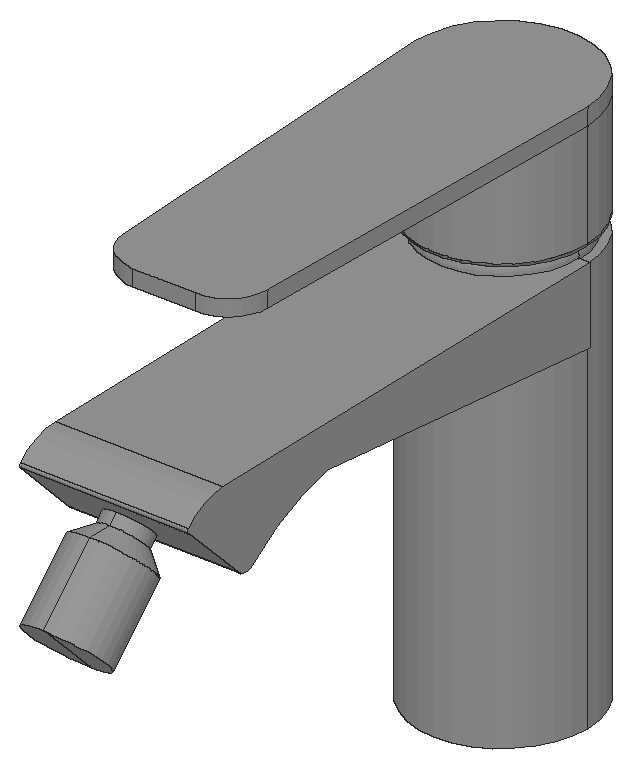
Revit family "BD URBAN", category Plumbing Fixtures, Revit 2019
Family settings
  Round Connector Dimension = Use Diameter
  Part Type = Normal
  OmniClass Number = 23.45.00.00
  OmniClass Title = Sanitary, Laundry, and Cleaning Equipment
  Work Plane-Based = No
  Always vertical = Yes
  Cut with Voids When Loaded = No
  Shared = No
  Room Calculation Point = No
Reference planes
  plane 1 "Center (Front/Back)": y = 0
  plane 2: z = 0
  plane 3 "Center (Left/Right)": x = 0
Forms (mm)
  Revolve 1, solid
    sketch origin (0, 0, 0) x (1, 0, 0) y (0, 0, 1)
      loop
        line (0, 0) -> (21, 0) -> (21, 102.5) -> (18.733, 102.5)
        arc (18.733, 102.5) -> (18.612, 104.438) -> (17.459, 106) r 3.429
        line (17.459, 106) -> (20.103, 106)
        arc (20.103, 106) -> (20.737, 106.263) -> (21, 106.897) r 0.897
        line (21, 106.897) -> (21, 133) -> (0, 133) -> (0, 0)
      axis (0, 0) -> (0, 133)
    angle from 0 to 360
  Extrusion 2, solid
    sketch origin (0, 0, 0) x (0, 1, 0) y (0, 0, 1)
      loop
        line (0, 102.92) -> (-112.862, 102.92)
        arc (-112.862, 102.92) -> (-118.675, 101.748) -> (-123.58, 98.415) r 15
        arc (-123.58, 98.415) -> (-123.793, 97.887) -> (-123.574, 97.363) r 0.748
        line (-123.574, 97.363) -> (-108.447, 82.236)
        arc (-108.447, 82.236) -> (-105.95, 81.155) -> (-103.39, 82.075) r 3.697
        arc (-103.39, 82.075) -> (-92.741, 88.99) -> (-80.553, 92.547) r 43.643
        line (-80.553, 92.547) -> (0, 84.08) -> (0, 102.92)
    from -19.774 to 21.524
  Extrusion 3, solid
    sketch origin (0, 0, 0) x (1, 0, 0) y (0, 1, 0)
      loop
        line (-21, 0) -> (-17.705, -94.349)
        arc (-17.705, -94.349) -> (-14.658, -101.193) -> (-7.711, -104) r 10
        line (-7.711, -104) -> (7.711, -104)
        arc (7.711, -104) -> (14.658, -101.193) -> (17.705, -94.349) r 10
        line (17.705, -94.349) -> (21, 0)
        arc (21, 0) -> (0, 21) -> (-21, 0) r 21
    from 133 to 137.025
  Revolve 4, solid
    sketch origin (0, 4.031, -4.031) x (0, 1, 0) y (0, 0, 1)
      loop
        line (-118.715, 92.503) -> (-122.745, 96.534) -> (-124.867, 94.413) -> (-130.948, 94.413) -> (-145.231, 80.129) -> (-138.16, 73.058) -> (-121.897, 89.321) -> (-120.836, 90.382) -> (-118.715, 92.503)
      axis (-138.16, 73.058) -> (-118.715, 92.503)
    angle from 0 to 360
Cuts and joins
  joined: Revolve 1, Extrusion 2
Dimensions and locks
  aligned and locked: level to plane 2
